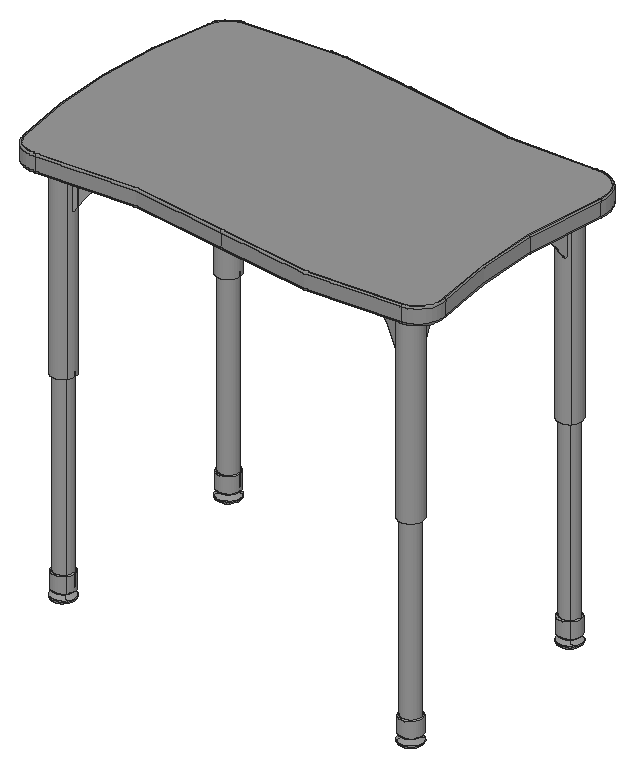
Revit family "Hierarchy Creator Rectangle Desk", category Furniture, Revit 2018
Family settings
  Work Plane-Based = No
  Always vertical = Yes
  Cut with Voids When Loaded = No
  Shared = No
  Room Calculation Point = No
Parameters
  Surface = Hierarchy Creator Rectangle Desk Surface
  Leg Finish = Hierarchy Leg Platinum
  Edgeband = Hierarchy Creator Rectangle Desk Edgeband
  Desk Height = 2' - 5"
  Caster/Glide = Hierarchy Leg - Glide : Hierarchy Leg - Glide
Reference planes (in)
  plane 1 "Center (Front/Back)": y = 0
  plane 2: z = 0
  plane 3 "Center (Left/Right)": x = 0
  plane 4: z = 29
Dimensions and locks (in)
  "Desk Height": plane 4 to level
  aligned and locked: plane 2 to level
  aligned and locked: nested 3 to plane 4
Nested families (in)
  nested 1: "Hierarchy Leg - Glide" at (12.1883918, -8.7945482, 0) x (-0.7071, -0.7071, 0) z (0, 0, 1), Leg Height <- "Desk Height", Leg Finish <- "Leg Finish", type "Hierarchy Leg - Glide"
    with Leg Height 2' - 5", Leg Finish Hierarchy Leg Platinum
  nested 2: "Hierarchy Leg - Glide" at (12.0254135, 6.1082019, 0) x (0.7071, -0.7071, 0) z (0, 0, 1), Leg Height <- "Desk Height", Leg Finish <- "Leg Finish", type "Hierarchy Leg - Glide"
    with Leg Height 2' - 5", Leg Finish Hierarchy Leg Platinum
  nested 3: "Creator Rectangle Desk Tabletop" at (0, 0, 15.977879), type "Creator Rectangle Desk Tabletop"
  nested 4: "Hierarchy Leg - Glide" at (-14.056872, 7.1532149, 0) x (-0.7242, -0.6896, 0) z (0, 0, 1), Leg Height <- "Desk Height", type <- "Caster/Glide", Leg Finish <- "Leg Finish", type "Hierarchy Leg - Glide"
    with Leg Height 2' - 5", Leg Finish Hierarchy Leg Platinum
  nested 5: "Hierarchy Leg - Glide" at (-14.1376603, -8.0009754, 0) x (-0.8117, 0.5841, 0) z (0, 0, 1), type <- "Caster/Glide", Leg Finish <- "Leg Finish", Leg Height <- "Desk Height", type "Hierarchy Leg - Glide"
    with Leg Height 2' - 5", Leg Finish Hierarchy Leg Platinum
Definition of nested family "Hierarchy Leg - Glide"
  Parameters (values of type "Hierarchy Leg - Glide")
    Leg Finish [instance] = none
    Leg Height [instance] = 2' - 5"
  Reference planes (in)
    plane 1 "Center (Front/Back)": y = 0
    plane 2: z = 0
    plane 3 "Center (Left/Right)": x = 0
  Forms (in)
    Extrusion 1, solid
      sketch origin (-0.015625, 0, 0) x (1, 0, 0) y (0, 1, 0)
        loop
          circle (0.015625, 0) r 0.6701606
      from 0.6761811 to 16.1761811
    Revolve 2, solid
      sketch origin (0, 0, 0) x (1, 0, 0) y (0, 0, 1)
        loop
          line (-0.7318851, 1.8011811) -> (-0.7943912, 1.7386749) -> (-0.7943912, 0.613811) -> (-0.7317613, 0.5511811) -> (-0.1250031, 0.5511811) -> (-0.1250031, 0.4261832) -> (-0.8465643, 0.1624109) -> (-0.8465643, 0.0899363) -> (-0.8135931, 0) -> (0, 0) -> (0, 1.8011811) -> (-0.7318851, 1.8011811)
        axis (0, 1.8011811) -> (0, 0)
      angle from 0 to 360
  Dimensions and locks (in)
    "Leg Height": nested 1 to level
    aligned and locked: plane 2 to level
  Automatic sketch dimensions
    plane 1 "Center (Front/Back)" to Extrusion 1 sketch curve = 0' - 0"
    Extrusion 1 sketch curve to plane 3 "Center (Left/Right)" = 0' - 0"
    Revolve 2 sketch curve to level = 0' - 0"
    Revolve 2 sketch curve to plane 3 "Center (Left/Right)" = 0' - 0"  (x2)
    Revolve 2 sketch curve to plane 3 "Center (Left/Right)" = 0' - 0 1/8"
    Revolve 2 sketch curve to Revolve 2 sketch curve = 0' - 0.60676"
    Revolve 2 sketch curve to Revolve 2 sketch curve = 0' - 0.73189"
    Revolve 2 sketch curve to Revolve 2 sketch curve = 0' - 0.06263"  (x2)
    Revolve 2 sketch curve to Revolve 2 sketch curve = 0' - 0.08183"
    Revolve 2 sketch curve to Revolve 2 sketch curve = 0' - 0.03297"
    level to Revolve 2 sketch curve = 0' - 0.08994"
    Revolve 2 sketch curve to Revolve 2 sketch curve = 0' - 0.07247"
    level to Revolve 2 sketch curve = 0' - 0.42618"
    Revolve 2 sketch curve to Revolve 2 sketch curve = 0' - 0 1/8"
    Revolve 2 sketch curve to Revolve 2 sketch curve = 0' - 1.12486"
    Revolve 2 sketch curve to Revolve 2 sketch curve = 0' - 0 1/16"
    Revolve 2 sketch curve to level = 2' - 0"
    Revolve 2 sketch curve to Revolve 2 sketch curve = 8' - 4.91764"
    radius of Extrusion 1 sketch curve = 0' - 0.67016"
  Nested families (in)
    nested 1: "Hierarchy Upper Leg 2023" at (0, 0, 1.1978346), Shapes Leg Finish <- "Leg Finish", type "Hierarchy Upper Leg 2023"
      with Shapes Leg Finish none
  Definition of nested family "Hierarchy Upper Leg 2023"
    Parameters (values of type "Hierarchy Upper Leg 2023")
      Shapes Leg Finish [instance] = none
    Reference planes (in)
      plane 1 "Center (Front/Back)": y = 0
      plane 2: z = 0
      plane 3 "Center (Left/Right)": x = 0
    Forms (in)
      Extrusion 1, solid, material <- "Shapes Leg Finish"
        sketch origin (0, 0, 0) x (1, 0, 0) y (0, 1, 0)
          loop
            circle (0, 0) r 0.8480181
        from 13.6761811 to 27.6761811
      Extrusion 2, solid, material <- "Shapes Leg Finish"
        sketch origin (0, 0, 0) x (1, 0, 0) y (0, 1, 0)
          loop
            line (-1.7017431, 0.1918316) -> (-2.8862648, -2.2611586)
            arc (-2.8862648, -2.2611586) -> (-2.839928, -3.0982194) -> (-2.1062992, -3.503937) r 0.8661417
            line (-2.1062992, -3.503937) -> (2.1062992, -3.503937)
            arc (2.1062992, -3.503937) -> (2.839928, -3.0982194) -> (2.8862648, -2.2611586) r 0.8661417
            line (2.8862648, -2.2611586) -> (1.7017431, 0.1918316)
            arc (1.7017431, 0.1918316) -> (0, 1.2598425) -> (-1.7017431, 0.1918316) r 1.8897638
        from 27.6761811 to 27.8021654
      Extrusion 3, solid, material <- "Shapes Leg Finish"
        sketch origin (-1.4851906, 8.6652431, 0) x (-0.434844, 0.900506, 0) y (0, 0, 1)
          loop
            line (-9.014247, 27.6761811) -> (-11.8095226, 27.6761811)
            arc (-11.8095226, 27.6761811) -> (-11.9232546, 27.5899308) -> (-11.8708805, 27.4571489) r 0.1181102
            arc (-11.8708805, 27.4571489) -> (-10.3936377, 26.2967904) -> (-9.2332792, 24.8195476) r 7.8740157
            arc (-9.2332792, 24.8195476) -> (-9.1004973, 24.7671735) -> (-9.014247, 24.8809055) r 0.1181102
            line (-9.014247, 24.8809055) -> (-9.014247, 27.6761811)
        from -1.9407463 to -1.8147621
      Extrusion 4, solid, material <- "Shapes Leg Finish"
        sketch origin (1.4851906, 8.6652431, 0) x (0.434844, 0.900506, 0) y (0, 0, -1)
          loop
            line (-9.014247, -27.6761811) -> (-9.014247, -24.8809055)
            arc (-9.014247, -24.8809055) -> (-9.1004973, -24.7671735) -> (-9.2332792, -24.8195476) r 0.1181102
            arc (-9.2332792, -24.8195476) -> (-10.3936377, -26.2967904) -> (-11.8708805, -27.4571489) r 7.8740157
            arc (-11.8708805, -27.4571489) -> (-11.9232546, -27.5899308) -> (-11.8095226, -27.6761811) r 0.1181102
            line (-11.8095226, -27.6761811) -> (-9.014247, -27.6761811)
        from -1.9407463 to -1.8147621
    Dimensions and locks (in)
      aligned and locked: plane 2 to level
Definition of nested family "Creator Rectangle Desk Tabletop"
  Parameters (values of type "Creator Rectangle Desk Tabletop")
    Surface = none
    Edgeband = none
  Reference planes (in)
    plane 1 "Center (Front/Back)": y = 0
    plane 2: z = 0
    plane 3 "Center (Left/Right)": x = 0
  Forms (in)
    Extrusion 1, solid, material <- "Surface"
      sketch origin (0, 0, 0) x (1, 0, 0) y (0, 1, 0)
        loop
          arc (-14.7711104, 9.2637868) -> (-15.6423797, 8.8265909) -> (-16.126355, 7.9804121) r 1.6870501
          arc (-16.126355, 7.9804121) -> (-16.8583056, 3.7355833) -> (-17.1138165, -0.5643049) r 38.686219
          arc (-17.1138165, -0.5643049) -> (-16.904626, -4.7572249) -> (-16.248827, -8.9038218) r 39.2520343
          arc (-16.248827, -8.9038218) -> (-15.5531499, -9.9416273) -> (-14.3338328, -10.2141575) r 1.6834285
          arc (-14.3338328, -10.2141575) -> (-7.3257286, -9.7267749) -> (-0.3449232, -10.5138089) r 38.7155571
          arc (-0.3449232, -10.5138089) -> (6.4480991, -11.2925763) -> (13.2717012, -10.8565878) r 38.4742498
          arc (13.2717012, -10.8565878) -> (14.4036478, -10.1488648) -> (14.6689672, -8.8405145) r 1.6901988
          arc (14.6689672, -8.8405145) -> (14.0043087, -4.4436047) -> (13.834119, 0) r 39.8144495
          arc (13.834119, 0) -> (13.9990242, 2.9658974) -> (14.3883538, 5.9107511) r 39.1455127
          arc (14.3883538, 5.9107511) -> (13.8078251, 7.8273837) -> (11.9264028, 8.5134916) r 2.2396555
          arc (11.9264028, 8.5134916) -> (5.7449398, 8.2944394) -> (-0.3949098, 9.0432483) r 39.4923984
          arc (-0.3949098, 9.0432483) -> (-7.5726513, 9.8287755) -> (-14.7711104, 9.2637868) r 38.6007238
      from 13.022121 to 14.2720642
    Sweep 2, solid, material <- "Edgeband"
      path origin (0, 0, 0) x (1, 0, 0) y (0, 1, 0)
        loop
          arc (-0.3949098, 9.0432483) -> (-7.5726513, 9.8287755) -> (-14.7711104, 9.2637868) r 38.6007238
          arc (-14.7711104, 9.2637868) -> (-15.6423797, 8.8265909) -> (-16.126355, 7.9804121) r 1.6870501
          arc (-16.126355, 7.9804121) -> (-16.8583056, 3.7355833) -> (-17.1138165, -0.5643049) r 38.686219
          arc (-17.1138165, -0.5643049) -> (-16.904626, -4.7572249) -> (-16.248827, -8.9038218) r 39.2520343
          arc (-16.248827, -8.9038218) -> (-15.5531499, -9.9416273) -> (-14.3338328, -10.2141575) r 1.6834285
          arc (-14.3338328, -10.2141575) -> (-7.3257286, -9.7267749) -> (-0.3449232, -10.5138089) r 38.7155571
          arc (-0.3449232, -10.5138089) -> (6.4480991, -11.2925763) -> (13.2717012, -10.8565878) r 38.4742498
          arc (13.2717012, -10.8565878) -> (14.4036478, -10.1488648) -> (14.6689672, -8.8405145) r 1.6901988
          arc (14.6689672, -8.8405145) -> (14.0043087, -4.4436047) -> (13.834119, 0) r 39.8144495
          arc (13.834119, 0) -> (13.9990242, 2.9658974) -> (14.3883538, 5.9107511) r 39.1455127
          arc (14.3883538, 5.9107511) -> (13.8078251, 7.8273837) -> (11.9264028, 8.5134916) r 2.2396555
          arc (11.9264028, 8.5134916) -> (5.7449398, 8.2944394) -> (-0.3949098, 9.0432483) r 39.4923984
      profile origin (-7.5726513, 9.8287755, 0) x (-0.015339, -0.999882, 0) y (0, 0, 1)
        loop
          line (0, 13.0221778) -> (0, 14.2720642)
          arc (0, 14.2720642) -> (-0.0884112, 14.2331119) -> (-0.1247186, 14.1435821) r 0.1285389
          line (-0.1247186, 14.1435821) -> (-0.1247186, 13.1506599)
          arc (-0.1247186, 13.1506599) -> (-0.0884112, 13.06113) -> (0, 13.0221778) r 0.1285389
  Dimensions and locks (in)
    aligned and locked: plane 2 to level
